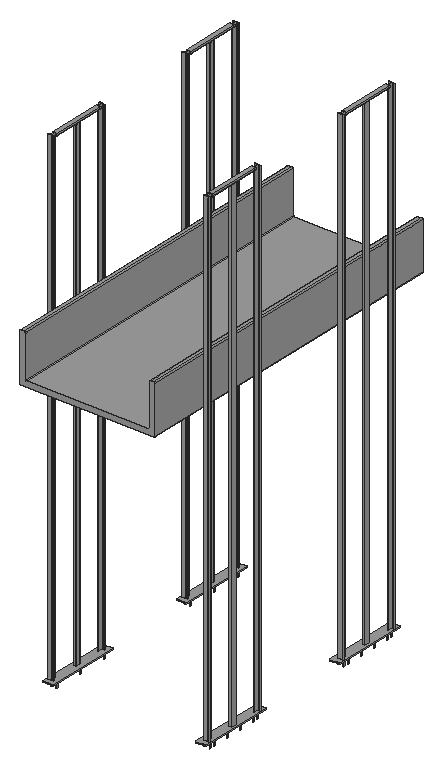
Revit family "SE_Trez_TC_4C_4000_With_Pit", category Specialty Equipment, Revit 2019
Family settings
  Round Connector Dimension = Use Diameter
  Part Type = Normal
  Work Plane-Based = No
  Always vertical = Yes
  Cut with Voids When Loaded = Yes
  Shared = No
  Room Calculation Point = No
Parameters (values of type "Platform-2000x5400mm with Door Height 2500mm")
  Shaft = TREZ_Shaft_Space
  Safe Working Load = 4000.00 kg  # constant formula
  Safe Space = if(Cabin or Platform = Cabin, 900.0 mm, if(and(Cabin or Platform = Platform, Door Clear Height > 1900.0 mm), 600.0 mm, 0.0 mm))  # 600.0 mm
  Platform = Speciality_Equipment_Trez_Platform : Platform
  Door Clear Width = Clear Width  # 2000.0 mm
  Door Clear Height = 2500.0 mm
  Clear Width = 2000.0 mm
  URL = "https://trez.bg/en/products/goods-only-lift-tc/tc-4c-four-cylinder-lift/"
  Shaft Width = Real Width + 2 * Clearance  # 2740.0 mm
  Shaft Depth = Real Depth + 100.0 mm  # 5500.0 mm
  Tower Cladding Material = TREZ_Steel_Cladding
  Real Width = if(Clear Width < 1300.0 mm, 1300.0 mm, if(Clear Width > 2000.0 mm, 2000.0 mm, Clear Width))  # 2000.0 mm
  Real Depth = if(Clear Depth < 2600.0 mm, 2600.0 mm, if(Clear Depth > 5400.0 mm, 5400.0 mm, Clear Depth))  # 5400.0 mm
  Profiles Material = TREZ_Steel
  Platform Material = TREZ_Steel
  Pit Height = 300.0 mm  # constant formula
  Travel = 4500.0 mm
  Rail Height = Travel + Pit Height + Headroom  # 7900.0 mm
  Model = "TC 4C 4000"
  Manufacturer = "TREZ Ltd."
  Headroom = Door Clear Height + Safe Space  # 3100.0 mm
  Description = "Hydraulic goods only lift with four cylinders. "  # constant formula
  Clear Depth = 5400.0 mm
  Created By URL = "https://all1studio.com/"
  Created By = "All 1 Studio Ltd."
  Clearance = 370.0 mm  # constant formula
  Cabin or Platform Back = no
  Cabin or Platform = Speciality_Equipment_Trez_Platform : Platform
  Cabin = Speciality_Equipment_Trez_Cabin : Cabin
Reference planes
  plane 1 "Center (Front/Back)": y = 0
  plane 2: z = 0
  plane 3 "Center (Left/Right)": x = 0
  plane 4: x = -1000
  plane 5: x = 1000
  plane 6: y = 2700
  plane 7: y = -2700
  plane 8: x = 1370
  plane 9: x = -1370
  plane 10: y = 2750
  plane 11: y = -2750
  plane 12: z = 4500
  plane 13 "Top of Lift": z = 7600
  plane 14 "Pit": z = -300
  plane 15: x = -1238.5
  plane 16: x = 1238.5
  plane 17: z = 7540
  plane 18: z = 40
  plane 19: z = -145
  plane 20: y = 1350
  plane 21: y = -1350
Forms (mm)
  Extrusion 1, void
    sketch origin (0, 0, 0) x (1, 0, 0) y (0, 1, 0)
      loop
        line (1370, 2750) -> (-1370, 2750) -> (-1370, -2750) -> (1370, -2750) -> (1370, 2750)
    from 0 to -300
Lines and regions (mm)
  symbolic lines, style "Platform"
    curve 1: line (-1000, 2700, 0) -> (1000, 2700, 0)
    curve 2: line (-1000, -2700, 0) -> (-1000, 2700, 0)
    curve 3: line (1000, -2700, 0) -> (-1000, -2700, 0)
    curve 4: line (1000, 2700, 0) -> (1000, -2700, 0)
    curve 5: line (-1000, 2700, 0) -> (1000, -2700, 0)
    curve 6: line (1000, 2700, 0) -> (-1000, -2700, 0)
  symbolic lines, style "Shaft Volume"
    curve 7: line (-1370, 2750, 0) -> (1370, 2750, 0)
    curve 8: line (-1370, -2750, 0) -> (-1370, 2750, 0)
    curve 9: line (1370, -2750, 0) -> (-1370, -2750, 0)
    curve 10: line (1370, 2750, 0) -> (1370, -2750, 0)
    curve 11: line (-1370, 0, 7600) -> (1370, 0, 7600)
    curve 12: line (-1370, 0, 0) -> (-1370, 0, 7600)
    curve 13: line (1370, 0, 0) -> (-1370, 0, 0)
    curve 14: line (1370, 0, 7600) -> (1370, 0, 0)
    curve 15: line (0, 2750, 7600) -> (0, -2750, 7600)
    curve 16: line (0, 2750, 0) -> (0, 2750, 7600)
    curve 17: line (0, -2750, 0) -> (0, 2750, 0)
    curve 18: line (0, -2750, 7600) -> (0, -2750, 0)
Dimensions and locks
  equal spacing: plane 4, plane 3 "Center (Left/Right)", plane 5
  "Real Width": plane 4 to plane 5
  equal spacing: plane 7, plane 1 "Center (Front/Back)", plane 6
  "Real Depth": plane 7 to plane 6
  "Travel": plane 12 to level
  "Pit Height": level to plane 14 "Pit"
  "Headroom": plane 13 "Top of Lift" to plane 12
  locked: plane 13 "Top of Lift" to plane 17 at 60
  locked: plane 18 to level at 40
  locked: level to plane 19 at 145
  locked: plane 7 to plane 11 at 50
  locked: plane 6 to plane 10 at 50
  locked: plane 9 to plane 15 at 131.5
  locked: plane 16 to plane 8 at 131.5
  "Clearance": plane 5 to plane 8
  "Clearance": plane 9 to plane 4
  equal spacing: plane 1 "Center (Front/Back)", plane 20, plane 6
  equal spacing: plane 7, plane 21, plane 1 "Center (Front/Back)"
  aligned and locked: level to plane 2
  aligned and locked: Extrusion 1 to plane 14 "Pit"
  aligned and locked: plane 1 "Center (Front/Back)" to nested 1
  aligned and locked: nested 1 to plane 3 "Center (Left/Right)"
  aligned and locked: plane 12 to nested 1
  aligned and locked: plane 10 to curve 7
  aligned and locked: curve 8 to plane 9
  aligned and locked: plane 11 to curve 9
  aligned and locked: curve 10 to plane 8
  aligned and locked: curve 11 to plane 13 "Top of Lift"
  aligned and locked: plane 9 to curve 12
  aligned and locked: level to curve 13
  aligned and locked: plane 8 to curve 14
  aligned and locked: plane 13 "Top of Lift" to curve 15
  aligned and locked: curve 16 to plane 10
  aligned and locked: curve 17 to level
  aligned and locked: curve 18 to plane 11
  aligned and locked: Extrusion 1 sketch curve to plane 10
  aligned and locked: Extrusion 1 sketch curve to plane 8
  aligned and locked: Extrusion 1 sketch curve to plane 11
  aligned and locked: Extrusion 1 sketch curve to plane 9
  aligned and locked: plane 15 to nested 2
  aligned and locked: nested 3 to plane 16
  aligned and locked: plane 21 to nested 3
  aligned and locked: nested 2 to plane 21
  aligned and locked: nested 5 to plane 16
  aligned and locked: plane 15 to nested 4
  aligned and locked: nested 5 to plane 20
  aligned and locked: plane 20 to nested 4
  aligned and locked: plane 14 "Pit" to nested 3
  aligned and locked: nested 2 to plane 14 "Pit"
  aligned and locked: nested 4 to plane 14 "Pit"
  aligned and locked: plane 14 "Pit" to nested 5
Automatic sketch dimensions
  curve 3 to plane 4 = 0.0 mm
  curve 4 to plane 5 = 0.0 mm
  curve 3 to plane 7 = 0.0 mm
  plane 6 to curve 2 = 0.0 mm
Nested families
  nested 1: "Speciality_Equipment_Trez_Platform" at (0, 0, 4500), type <- "Cabin or Platform", type "Platform"
    with Width 2000.0 mm, Depth 5400.0 mm, Back Board no
  nested 2: "Generic_Model_Trez_Rails" at (-1238.5, -1350, -300), type "Rails"
    with Height 7900.0 mm
  nested 3: "Generic_Model_Trez_Rails" at (1238.5, -1350, -300) x (-1, 0, 0) z (0, 0, 1), type "Rails"
    with Height 7900.0 mm
  nested 4: "Generic_Model_Trez_Rails" at (-1238.5, 1350, -300), type "Rails"
    with Height 7900.0 mm
  nested 5: "Generic_Model_Trez_Rails" at (1238.5, 1350, -300) x (-1, 0, 0) z (0, 0, 1), type "Rails"
    with Height 7900.0 mm
Definition of nested family "Speciality_Equipment_Trez_Platform"
  Parameters (values of type "Speciality_Equipment_Trez_Platform")
    Width = 3600.0 mm
    Platform Material = none
    Depth = 2900.0 mm
    Back Board = yes
  Reference planes
    plane 1 "Center (Front/Back)": y = 0
    plane 2 "Bottom": z = 0
    plane 3 "Center (Left/Right)": x = 0
    plane 4: x = 1800
    plane 5: x = -1800
    plane 6: y = 1450
    plane 7: y = -1450
    plane 8: x = -1889
    plane 9: x = 1889
    plane 10: y = 1485
    plane 11: z = -89
    plane 12: z = 709
  Forms (mm)
    Extrusion 1, solid, material <- "Platform Material", visible <- "Back Board"
      sketch origin (0, 0, 0) x (1, 0, 0) y (0, 1, 0)
        loop
          line (-1889, 1485) -> (-1889, 1450) -> (1889, 1450) -> (1889, 1485) -> (-1889, 1485)
      from 0 to 709
    Extrusion 2, solid, material <- "Platform Material", detail levels coarse+medium
      sketch origin (0, 0, 0) x (1, 0, 0) y (0, 0, 1)
        loop
          line (-1800, 709) -> (-1889, 709) -> (-1889, -89) -> (1889, -89) -> (1889, 709) -> (1800, 709) -> (1800, 0) -> (-1800, 0) -> (-1800, 709)
      from -1450 to 1450
    Extrusion 3, solid, material <- "Platform Material", detail levels fine
      sketch origin (0, 0, 0) x (1, 0, 0) y (0, 0, 1)
        loop
          arc (-1874, 709) -> (-1884.607, 704.607) -> (-1889, 694) r 15
          line (-1889, 694) -> (-1889, -74)
          arc (-1889, -74) -> (-1884.607, -84.607) -> (-1874, -89) r 15
          line (-1874, -89) -> (1874, -89)
          arc (1874, -89) -> (1884.607, -84.607) -> (1889, -74) r 15
          line (1889, -74) -> (1889, 694)
          arc (1889, 694) -> (1884.607, 704.607) -> (1874, 709) r 15
          line (1874, 709) -> (1815, 709)
          arc (1815, 709) -> (1804.393, 704.607) -> (1800, 694) r 15
          line (1800, 694) -> (1800, 15)
          arc (1800, 15) -> (1795.607, 4.393) -> (1785, 0) r 15
          line (1785, 0) -> (-1785, 0)
          arc (-1785, 0) -> (-1795.607, 4.393) -> (-1800, 15) r 15
          line (-1800, 15) -> (-1800, 694)
          arc (-1800, 694) -> (-1804.393, 704.607) -> (-1815, 709) r 15
          line (-1815, 709) -> (-1874, 709)
      from -1450 to 1450
  Dimensions and locks
    equal spacing: plane 5, plane 3 "Center (Left/Right)", plane 4
    "Width": plane 5 to plane 4
    equal spacing: plane 7, plane 1 "Center (Front/Back)", plane 6
    "Depth": plane 6 to plane 7
    locked: plane 8 to plane 5 at 89
    locked: plane 4 to plane 9 at 89
    locked: plane 10 to plane 6 at 35
    locked: plane 2 "Bottom" to plane 11 at 89
    locked: plane 12 to plane 2 "Bottom" at 709
    aligned and locked: level to plane 2 "Bottom"
    aligned and locked: Extrusion 1 sketch curve to plane 10
    aligned and locked: plane 8 to Extrusion 1 sketch curve
    aligned and locked: plane 5 to Extrusion 2 sketch curve
    aligned and locked: plane 8 to Extrusion 2 sketch curve
    aligned and locked: Extrusion 2 sketch curve to plane 9
    aligned and locked: Extrusion 2 sketch curve to plane 4
    aligned and locked: Extrusion 2 sketch curve to plane 2 "Bottom"
    aligned and locked: Extrusion 2 sketch curve to plane 11
    aligned and locked: Extrusion 2 sketch curve to plane 12
    aligned and locked: Extrusion 2 to plane 6
    aligned and locked: Extrusion 2 to plane 7
    aligned and locked: Extrusion 3 sketch curve to plane 12
    aligned and locked: plane 8 to Extrusion 3 sketch curve
    aligned and locked: plane 5 to Extrusion 3 sketch curve
    aligned and locked: Extrusion 3 sketch curve to plane 4
    aligned and locked: Extrusion 3 sketch curve to plane 9
    aligned and locked: Extrusion 3 sketch curve to plane 2 "Bottom"
    aligned and locked: Extrusion 3 sketch curve to plane 11
    aligned and locked: Extrusion 3 to plane 7
    aligned and locked: Extrusion 3 to plane 6
  Automatic sketch dimensions
    plane 12 to Extrusion 2 sketch curve = 0.0 mm
    Extrusion 1 sketch curve to plane 6 = 0.0 mm
    Extrusion 1 sketch curve to plane 9 = 0.0 mm
    Extrusion 3 sketch curve to plane 12 = 0.0 mm
    Extrusion 3 sketch curve to Extrusion 3 sketch curve = 15.0 mm  (x4)
    plane 5 to Extrusion 3 sketch curve = 15.0 mm
    Extrusion 3 sketch curve to plane 4 = 15.0 mm
    plane 4 to Extrusion 3 sketch curve = 15.0 mm
    Extrusion 3 sketch curve to plane 9 = 15.0 mm
Definition of nested family "Generic_Model_Trez_Rails"
  Parameters (values of type "SE_Trez_Rails")
    Profiles Material = none
    Height = 8720.0 mm
  Reference planes
    plane 1 "Center (Front/Back)": y = 0
    plane 2: z = 0
    plane 3 "Center (Left/Right)": x = 0
    plane 4: x = 87.2
    plane 5: x = -87.2
    plane 6: y = 607.5
    plane 7: y = -607.5
    plane 8: z = 8720
    plane 9: z = 15
    plane 10: z = 8685
    plane 11: z = -95
  Forms (mm)
    Extrusion 1, solid, material <- "Profiles Material", detail levels fine
      sketch origin (0, 0, 0) x (1, 0, 0) y (0, 1, 0)
        loop
          line (77.2, 607.5) -> (-77.2, 607.5)
          arc (-77.2, 607.5) -> (-84.271, 604.571) -> (-87.2, 597.5) r 10
          line (-87.2, 597.5) -> (-87.2, -597.5)
          arc (-87.2, -597.5) -> (-84.271, -604.571) -> (-77.2, -607.5) r 10
          line (-77.2, -607.5) -> (77.2, -607.5)
          arc (77.2, -607.5) -> (84.271, -604.571) -> (87.2, -597.5) r 10
          line (87.2, -597.5) -> (87.2, 597.5)
          arc (87.2, 597.5) -> (84.271, 604.571) -> (77.2, 607.5) r 10
      from 0 to 15
    Extrusion 2, solid, material <- "Profiles Material", detail levels fine
      sketch origin (0, 0, 0) x (1, 0, 0) y (0, 1, 0)
        loop
          line (-61.5, -517.5) -> (28.5, -517.5) -> (28.5, -509.5) -> (-3.5, -509.5)
          arc (-3.5, -509.5) -> (-7.036, -508.036) -> (-8.5, -504.5) r 5
          line (-8.5, -504.5) -> (-8.5, -442.5) -> (-24.5, -442.5) -> (-24.5, -504.5)
          arc (-24.5, -504.5) -> (-25.964, -508.036) -> (-29.5, -509.5) r 5
          line (-29.5, -509.5) -> (-61.5, -509.5) -> (-61.5, -517.5)
        loop
          line (-37.94, -40) -> (-1.94, -40)
          arc (-1.94, -40) -> (8.667, -35.607) -> (13.06, -25) r 15
          line (13.06, -25) -> (13.06, 25)
          arc (13.06, 25) -> (8.667, 35.607) -> (-1.94, 40) r 15
          line (-1.94, 40) -> (-37.94, 40) -> (-37.94, -40)
        loop
          line (-61.5, 517.5) -> (-61.5, 509.5) -> (-29.5, 509.5)
          arc (-29.5, 509.5) -> (-25.964, 508.036) -> (-24.5, 504.5) r 5
          line (-24.5, 504.5) -> (-24.5, 442.5) -> (-8.5, 442.5) -> (-8.5, 504.5)
          arc (-8.5, 504.5) -> (-7.036, 508.036) -> (-3.5, 509.5) r 5
          line (-3.5, 509.5) -> (28.5, 509.5) -> (28.5, 517.5) -> (-61.5, 517.5)
      from 15 to 8720
    Extrusion 3, solid, material <- "Profiles Material", detail levels fine
      sketch origin (0, 0, 0) x (1, 0, 0) y (0, 0, 1)
        loop
          line (-51.5, 8720) -> (-51.5, 8690)
          arc (-51.5, 8690) -> (-50.036, 8686.464) -> (-46.5, 8685) r 5
          line (-46.5, 8685) -> (13.5, 8685)
          arc (13.5, 8685) -> (17.036, 8686.464) -> (18.5, 8690) r 5
          line (18.5, 8690) -> (18.5, 8720) -> (-51.5, 8720)
      from -442.5 to 442.5
    Extrusion 4, solid, material <- "Profiles Material", detail levels coarse+medium
      sketch origin (0, 0, 0) x (1, 0, 0) y (0, 1, 0)
        loop
          line (87.2, 607.5) -> (-87.2, 607.5) -> (-87.2, -607.5) -> (87.2, -607.5) -> (87.2, 607.5)
      from 0 to 15
    Extrusion 5, solid, material <- "Profiles Material", detail levels coarse+medium
      sketch origin (0, 0, 0) x (1, 0, 0) y (0, 1, 0)
        loop
          line (-61.5, -517.5) -> (28.5, -517.5) -> (28.5, -442.5) -> (-61.5, -442.5) -> (-61.5, -517.5)
        loop
          line (-37.94, -40) -> (13.06, -40) -> (13.06, 40) -> (-37.94, 40) -> (-37.94, -40)
        loop
          line (-61.5, 517.5) -> (-61.5, 442.5) -> (28.5, 442.5) -> (28.5, 517.5) -> (-61.5, 517.5)
      from 15 to 8720
    Extrusion 6, solid, material <- "Profiles Material", detail levels coarse+medium
      sketch origin (0, 0, 0) x (1, 0, 0) y (0, 0, 1)
        loop
          line (-51.5, 8720) -> (-51.5, 8690)
          arc (-51.5, 8690) -> (-50.036, 8686.464) -> (-46.5, 8685) r 5
          line (-46.5, 8685) -> (13.5, 8685)
          arc (13.5, 8685) -> (17.036, 8686.464) -> (18.5, 8690) r 5
          line (18.5, 8690) -> (18.5, 8720) -> (-51.5, 8720)
      from -442.5 to 442.5
    Extrusion 7, solid, material <- "Profiles Material", detail levels fine
      sketch origin (0, 0, 0) x (1, 0, 0) y (0, 1, 0)
        loop
          circle (46.2, 480) r 7.5
        loop
          circle (-43.8, 480) r 7.5
        loop
          circle (-43.8, 390) r 7.5
        loop
          circle (46.2, -480) r 7.5
        loop
          circle (-43.8, -480) r 7.5
        loop
          circle (-43.8, -390) r 7.5
        loop
          circle (-43.8, -130) r 7.5
        loop
          circle (-43.8, 130) r 7.5
        loop
          circle (46.2, 0.052) r 7.5
      from -95 to 0
  Cuts and joins
    joined: Extrusion 2, Extrusion 3
    joined: Extrusion 5, Extrusion 6
  Lines and regions (mm)
    symbolic lines
      curve 1: line (28.5, 442.5, 0) -> (-61.5, 442.5, 0)
      curve 2: line (28.5, 517.5, 0) -> (28.5, 442.5, 0)
      curve 3: line (-61.5, 517.5, 0) -> (28.5, 517.5, 0)
      curve 4: line (-61.5, 442.5, 0) -> (-61.5, 517.5, 0)
      curve 5: line (13.06, 40, 0) -> (-37.94, 40, 0)
      curve 6: line (13.06, -40, 0) -> (13.06, 40, 0)
      curve 7: line (-37.94, -40, 0) -> (13.06, -40, 0)
      curve 8: line (-37.94, 40, 0) -> (-37.94, -40, 0)
      curve 9: line (28.5, -442.5, 0) -> (-61.5, -442.5, 0)
      curve 10: line (28.5, -517.5, 0) -> (28.5, -442.5, 0)
      curve 11: line (-61.5, -517.5, 0) -> (28.5, -517.5, 0)
      curve 12: line (-61.5, -442.5, 0) -> (-61.5, -517.5, 0)
      curve 13: line (87.2, -607.5, 0) -> (-87.2, -607.5, 0)
      curve 14: line (87.2, 607.5, 0) -> (87.2, -607.5, 0)
      curve 15: line (-87.2, 607.5, 0) -> (87.2, 607.5, 0)
      curve 16: line (-87.2, -607.5, 0) -> (-87.2, 607.5, 0)
  Dimensions and locks
    equal spacing: plane 5, plane 3 "Center (Left/Right)", plane 4
    plane 5 to plane 4 = 174.4 mm
    equal spacing: plane 6, plane 1 "Center (Front/Back)", plane 7
    plane 7 to plane 6 = 1215.0 mm
    "Height": plane 8 to plane 2
    locked: plane 9 to plane 2 at 15
    locked: plane 8 to Extrusion 3 sketch curve at 35
    locked: plane 8 to plane 10 at 35
    locked: plane 2 to plane 11 at 95
    aligned and locked: level to plane 2
    aligned and locked: Extrusion 1 sketch curve to plane 6
    aligned and locked: plane 4 to Extrusion 1 sketch curve
    aligned and locked: Extrusion 1 sketch curve to plane 7
    aligned and locked: plane 5 to Extrusion 1 sketch curve
    aligned and locked: plane 8 to Extrusion 2
    aligned and locked: Extrusion 1 to plane 9
    aligned and locked: plane 9 to Extrusion 2
    aligned and locked: Extrusion 4 sketch curve to plane 6
    aligned and locked: plane 4 to Extrusion 4 sketch curve
    aligned and locked: Extrusion 4 sketch curve to plane 7
    aligned and locked: plane 5 to Extrusion 4 sketch curve
    aligned and locked: Extrusion 4 to plane 9
    aligned and locked: Extrusion 4 to plane 2
    aligned and locked: plane 8 to Extrusion 5
    aligned and locked: plane 8 to Extrusion 3 sketch curve
    aligned and locked: Extrusion 3 to Extrusion 5  (x2)
    aligned and locked: Extrusion 7 to plane 11
    aligned and locked: plane 2 to Extrusion 7
  Automatic sketch dimensions
    Extrusion 2 sketch curve to plane 5 = 25.7 mm  (x2)
    Extrusion 2 sketch curve to plane 3 "Center (Left/Right)" = 29.5 mm  (x2)
    Extrusion 2 sketch curve to Extrusion 2 sketch curve = 5.0 mm
    Extrusion 2 sketch curve to plane 3 "Center (Left/Right)" = 24.5 mm
    Extrusion 2 sketch curve to plane 3 "Center (Left/Right)" = 8.5 mm  (x2)
    Extrusion 2 sketch curve to plane 3 "Center (Left/Right)" = 3.5 mm  (x2)
    Extrusion 2 sketch curve to plane 3 "Center (Left/Right)" = 1.94 mm  (x2)
    Extrusion 2 sketch curve to Extrusion 2 sketch curve = 15.0 mm
    plane 3 "Center (Left/Right)" to Extrusion 2 sketch curve = 28.5 mm  (x2)
    plane 7 to Extrusion 2 sketch curve = 90.0 mm
    Extrusion 2 sketch curve to Extrusion 2 sketch curve = 8.0 mm  (x3)
    Extrusion 2 sketch curve to Extrusion 2 sketch curve = 62.0 mm  (x2)
    Extrusion 2 sketch curve to plane 1 "Center (Front/Back)" = 25.0 mm
    plane 6 to Extrusion 2 sketch curve = 165.0 mm
    Extrusion 2 sketch curve to Extrusion 2 sketch curve = 0.0 mm
    Extrusion 2 sketch curve to plane 3 "Center (Left/Right)" = 37.94 mm
    plane 1 "Center (Front/Back)" to Extrusion 2 sketch curve = 40.0 mm
    Extrusion 3 sketch curve to Extrusion 3 sketch curve = 5.0 mm  (x2)
    plane 3 "Center (Left/Right)" to Extrusion 3 sketch curve = 13.5 mm
    Extrusion 3 sketch curve to plane 5 = 40.7 mm
    Extrusion 1 sketch curve to plane 5 = 10.0 mm
    Extrusion 1 sketch curve to Extrusion 1 sketch curve = 10.0 mm
    Extrusion 1 sketch curve to plane 4 = 10.0 mm  (x2)
    Extrusion 5 sketch curve to plane 5 = 25.7 mm  (x2)
    Extrusion 5 sketch curve to plane 3 "Center (Left/Right)" = 37.94 mm
    plane 3 "Center (Left/Right)" to Extrusion 5 sketch curve = 28.5 mm  (x2)
    plane 3 "Center (Left/Right)" to Extrusion 5 sketch curve = 13.06 mm
    plane 7 to Extrusion 5 sketch curve = 90.0 mm
    plane 1 "Center (Front/Back)" to Extrusion 5 sketch curve = 40.0 mm
    plane 6 to Extrusion 5 sketch curve = 165.0 mm
    Extrusion 5 sketch curve to Extrusion 5 sketch curve = 75.0 mm  (x2)
    Extrusion 5 sketch curve to plane 1 "Center (Front/Back)" = 40.0 mm
    Extrusion 6 sketch curve to plane 8 = 0.0 mm
    Extrusion 6 sketch curve to plane 10 = 0.0 mm
    plane 10 to Extrusion 6 sketch curve = 5.0 mm  (x2)
    Extrusion 6 sketch curve to plane 5 = 35.7 mm
    plane 3 "Center (Left/Right)" to Extrusion 6 sketch curve = 13.5 mm
    curve 16 to plane 5 = 0.0 mm
    curve 15 to plane 4 = 0.0 mm
    curve 13 to plane 7 = 0.0 mm
    plane 6 to curve 15 = 0.0 mm
    curve 3 to plane 5 = 25.7 mm
    curve 12 to plane 5 = 25.7 mm
    curve 5 to plane 3 "Center (Left/Right)" = 37.94 mm
    plane 3 "Center (Left/Right)" to curve 5 = 13.06 mm
    plane 3 "Center (Left/Right)" to curve 11 = 28.5 mm
    plane 3 "Center (Left/Right)" to curve 2 = 28.5 mm
    plane 7 to curve 11 = 90.0 mm
    curve 10 to curve 10 = 75.0 mm
    plane 1 "Center (Front/Back)" to curve 7 = 40.0 mm
    curve 5 to plane 1 "Center (Front/Back)" = 40.0 mm
    plane 6 to curve 2 = 165.0 mm
    curve 1 to curve 3 = 75.0 mm
    Extrusion 7 sketch curve to plane 5 = 43.4 mm  (x6)
    Extrusion 7 sketch curve to plane 4 = 41.0 mm  (x3)
    plane 7 to Extrusion 7 sketch curve = 127.5 mm
    Extrusion 7 sketch curve to Extrusion 7 sketch curve = 0.0 mm  (x2)
    Extrusion 7 sketch curve to Extrusion 7 sketch curve = 90.0 mm  (x2)
    plane 6 to Extrusion 7 sketch curve = 217.5 mm
    Extrusion 7 sketch curve to plane 1 "Center (Front/Back)" = 0.052 mm
    plane 1 "Center (Front/Back)" to Extrusion 7 sketch curve = 130.0 mm
    Extrusion 7 sketch curve to plane 1 "Center (Front/Back)" = 130.0 mm
    radius of Extrusion 7 sketch curve = 7.5 mm  (x9)
